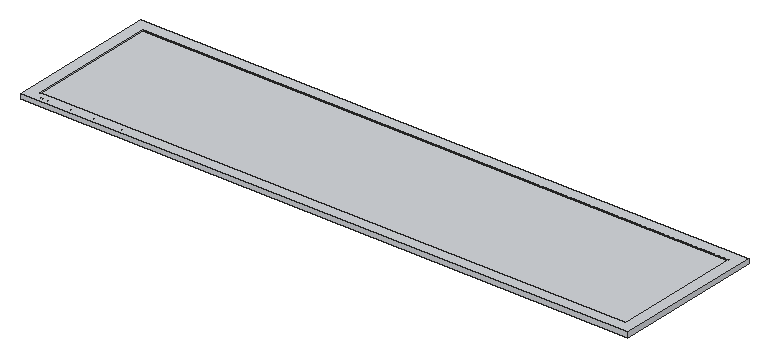
Revit family "0042572", category Lighting Fixtures, host Face, Revit 2017
Family settings
  Host = Face
  Round Connector Dimension = Use Diameter
  Part Type = Normal
  OmniClass Number = 23.80.70.00
  OmniClass Title = Lighting
  Cut with Voids When Loaded = No
  Light Source = Yes
  Shared = No
  Room Calculation Point = No
Parameters (values of type "0042572 ST PANEL UGR19 1200X300 3600LM 830 SSC")
  Weight = "kg"
  Wattage Comments = ""
  Wattage = 36 W
  WarrantyStartDate [instance] = "n/a"
  WarrantyGuarantorParts = "n/a"
  WarrantyDurationUnit = "n/a"
  WarrantyDurationParts = "n/a"
  WarrantyDescription = "n/a"
  WIDTH_SYL = 147.5 mm
  built-in parameter 1150110 = 1 (stored number, unit not read)
  Voltage = 0 V
  URL = "http://www.sylvania-lighting.com"
  TypeName = "START Panel UGR19 1200x300 3600Lm 830 SSC"
  Type Image = <None>
  Type Comments = "n/a"
  built-in parameter 1114217 = 1 (stored number, unit not read)
  Tilt Angle = -90.00°
  built-in parameter 1150109 = 1 (stored number, unit not read)
  built-in parameter 1150134 = (empty or 0)
  TOP__WIDTH_SYL = 545 mm
  TOP_WIDTH_SYL = 265 mm
  TOP_DEPTH_SYL = 95 mm
  built-in parameter 1150113 = 1 (stored number, unit not read)
  SerialNumber [instance] = "n/a"
  Photometric Web File = "0042572.ies"
  Material_3_SYL = none
  PowerFactor = 0
  PowerConsumption = "36 W"
  NominalLength = 1195 mm
  NominalHeight = 35 mm
  NominalDepth = 295 mm
  Name = "START Panel UGR19 1200x300 3600Lm 830 SSC"
  ModelReference = Name  # "START Panel UGR19 1200x300 3600Lm 830 SSC"
  ModelNumber = "0042572"
  Model = Name  # "START Panel UGR19 1200x300 3600Lm 830 SSC"
  Material = "aluminium,steel housing, other diffuser"
  ManufacturerName = "Feilo Sylvania"
  Manufacturer = "Feilo Sylvania"
  MAINHEIGHT_SYL = 63 mm
  LuminousEfficacy = "100 lm/W"
  built-in parameter 1150105 = 286.48 (stored number, unit not read)
  Lumens = 3600 lm
  LuminaireType = ""
  built-in parameter 1150115 = 1 (stored number, unit not read)
  LightOutputRatio = "n/a"
  built-in parameter 1150137 = (empty or 0)
  built-in parameter 1150139 = (empty or 0)
  LampsType = Lamp  # "LED"
  LampNominalLuminous = "3600 lm"
  LampMacAdamStep = "3"
  LampColourTemperature = "3000 K"
  LampColourRenderingIndex = "80"
  built-in parameter 1150112 = 1 (stored number, unit not read)
  built-in parameter 1150114 = 1 (stored number, unit not read)
  Lamp = "LED"
  LUMWIDTH_SYL = 576.5 mm
  LUMDEPTH_SYL = 126.5 mm
  Keynote = "16500"
  InstallationDate [instance] = "n/a"
  InputVoltage = "n/a"
  InputNominalFrequency = "n/a"
  built-in parameter 1150132 = (empty or 0)
  built-in parameter 1150102 = (empty or 0)
  built-in parameter 1150107 = 3000 (stored number, unit not read)
  built-in parameter 1150138 = (empty or 0)
  IngressProtection = "IP40/20"
  ImpactProtectionIndex = "IK03"
  built-in parameter 1150106 = 2.8648 (stored number, unit not read)
  IfcExportType = "IfcLightFixtureType"
  IfcExportAs = "IfcLightFixtureType"
  HEIGHT_SYL = 33 mm
  HEIGHTBOTT_SYL = 7 mm
  Emit from Circle Diameter = 609.6 mm
  Emit Shape Visible in Rendering = no
  ElectricShockClassification = "Class II"
  built-in parameter 1150104 = 9.2903 (stored number, unit not read)
  DocumentationLiterature = "http://www.sylvania-lighting.com/product/en-int/products/0042572"
  DimmingControlOptions = "n/a"
  Material_2_SYL = none
  Dimming Lamp Color Temperature Shift = <None>
  Description = "START Panel is a range of backlit LED panels used in recessed ceilings. Ideal for general indoor appliactions such as corridors, breakrooms, offices and meeting rooms. Luminaire dimensions are compatible with common ceiling installation, and the shallow design makes it easy to install in low ceilings. 3600Lm; 36W; 100Lm/W; Drive current: 750mA; Average life: 50000Hrs; 3000K; CRI 80; Glare control <19; IK03; IP40 (from the front); SDCM<3; Class II; Loop in loop out connector for quick installation. SylSmart Standalone (SSC) enabled."
  Default Elevation = 1219.2 mm
  DEPTH_SYL = 597.5 mm
  CreatedOn = "11/2/2020"
  CreatedBy = "@sylvania-lighting.com"
  Cost = 0
  Color Filter = 16777215
  built-in parameter 1114216 [instance] = (empty or 0)
  ClassificationValue = "EF_70_80"
  ClassificationName = "Uniclass2015"
  Material_1_SYL = none
  BarCode [instance] = "n/a"
  built-in parameter 1114218 = 1 (stored number, unit not read)
  BOX_WIDTH_SYL = 40 mm
  built-in parameter 1150133 = 10 (stored number, unit not read)
  AssetType = "Fixed"
  AssetIdentifier [instance] = "n/a"
  Assembly Code = "D5020200"
  Apparent Load = 36 VA
  Material_4_SYL = none
  -LUMDEPTH_SYL = LUMDEPTH_SYL * (-1)  # -126.5 mm
  -BOX_WIDTH_SYL = BOX_WIDTH_SYL * (-1)  # -40 mm
Types (3, lengths in mm): name | TypeName | built-in parameter 1150134 | Photometric Web File | Name | ModelReference | ModelNumber | Model | LuminousEfficacy | built-in parameter 1150105 | Lumens | LampNominalLuminous | LampMacAdamStep | LampColourTemperature | built-in parameter 1150107 | built-in parameter 1150106 | built-in parameter 1150104 | DocumentationLiterature | Description
  0042573 ST PANEL UGR19 1200X300 3800LM 840 SSC | "START Panel UGR19 1200x300 3800Lm 840 SSC" | 12 | "0042573.ies" | "START Panel UGR19 1200x300 3800Lm 840 SSC" | "START Panel UGR19 1200x300 3800Lm 840 SSC" | "0042573" | "START Panel UGR19 1200x300 3800Lm 840 SSC" | "106 lm/W" | 303.67 (stored number, unit not read) | 3816 lm | "3800 lm" | "3" | "4000 K" | 4000 (stored number, unit not read) | 3.0367 (stored number, unit not read) | 9.8477 (stored number, unit not read) | "http://www.sylvania-lighting.com/product/en-int/products/0042573" | "START Panel is a range of backlit LED panels used in recessed ceilings. Ideal for general indoor appliactions such as corridors, breakrooms, offices and meeting rooms. Luminaire dimensions are compatible with common ceiling installation, and the shallow design makes it easy to install in low ceilings. 3800Lm; 36W; 106Lm/W; Drive current: 750mA; Average life: 50000Hrs; 4000K; CRI 80; Glare control <19; IK03; IP40 (from the front); SDCM<3; Class II; Loop in loop out connector for quick installation. SylSmart Standalone (SSC) enabled."
  0042572 ST PANEL UGR19 1200X300 3600LM 830 SSC | "START Panel UGR19 1200x300 3600Lm 830 SSC" | (empty or 0) | "0042572.ies" | "START Panel UGR19 1200x300 3600Lm 830 SSC" | "START Panel UGR19 1200x300 3600Lm 830 SSC" | "0042572" | "START Panel UGR19 1200x300 3600Lm 830 SSC" | "100 lm/W" | 286.48 (stored number, unit not read) | 3600 lm | "3600 lm" | "3" | "3000 K" | 3000 (stored number, unit not read) | 2.8648 (stored number, unit not read) | 9.2903 (stored number, unit not read) | "http://www.sylvania-lighting.com/product/en-int/products/0042572" | "START Panel is a range of backlit LED panels used in recessed ceilings. Ideal for general indoor appliactions such as corridors, breakrooms, offices and meeting rooms. Luminaire dimensions are compatible with common ceiling installation, and the shallow design makes it easy to install in low ceilings. 3600Lm; 36W; 100Lm/W; Drive current: 750mA; Average life: 50000Hrs; 3000K; CRI 80; Glare control <19; IK03; IP40 (from the front); SDCM<3; Class II; Loop in loop out connector for quick installation. SylSmart Standalone (SSC) enabled."
  0042574 ST PANEL UGR19 1200X300 3800LM 865 SSC | "START Panel UGR19 1200x300 3800Lm 865 SSC" | 1 | "0042574.ies" | "START Panel UGR19 1200x300 3800Lm 865 SSC" | "START Panel UGR19 1200x300 3800Lm 865 SSC" | "0042574" | "START Panel UGR19 1200x300 3800Lm 865 SSC" | "106 lm/W" | 303.67 (stored number, unit not read) | 3816 lm | "4000 lm" | "6" | "6500 K" | 6500 (stored number, unit not read) | 3.0367 (stored number, unit not read) | 9.8477 (stored number, unit not read) | "http://www.sylvania-lighting.com/product/en-int/products/0042574" | "START Panel is a range of backlit LED panels used in recessed ceilings. Ideal for general indoor appliactions such as corridors, breakrooms, offices and meeting rooms. Luminaire dimensions are compatible with common ceiling installation, and the shallow design makes it easy to install in low ceilings. 3800Lm; 36W; 106Lm/W; Drive current: 750mA; Average life: 50000Hrs; 6500K; CRI 80; Glare control <19; IK03; IP40 (from the front); Class II; Loop in loop out connector for quick installation. SylSmart Standalone (SSC) enabled."
Reference planes
  plane 1 "Center (Front/Back)": y = 0
  plane 2: z = 0
  plane 3 "Center (Left/Right)": x = 0
  plane 4: z = -33
  plane 5: z = -7
  plane 6: z = -63
  plane 7: x = 597.5
  plane 8: x = -597.5
  plane 9: y = 147.5
  plane 10: y = -147.5
  plane 11: x = 576.5
  plane 12: x = -576.5
  plane 13: y = -126.5
  plane 14: y = 126.5
  plane 15: y = -265
  plane 16: y = 265
  plane 17: x = -40
  plane 18: x = 40
  plane 19: x = 0
  plane 20: x = -545
  plane 21: x = 545
  plane 22: y = -95
  plane 23: y = 95
Forms (mm)
  Extrusion 1, solid
    sketch origin (0, 0, 0) x (1, 0, 0) y (0, 1, 0)
      loop
        line (-597.5, 147.5) -> (-597.5, -147.5) -> (597.5, -147.5) -> (597.5, 147.5) -> (-597.5, 147.5)
    from -7 to 2
  Extrusion 2, void
    sketch origin (0, 0, 0) x (1, 0, 0) y (0, 1, 0)
      loop
        line (-576.5, 126.5) -> (-576.5, -126.5) -> (576.5, -126.5) -> (576.5, 126.5) -> (-576.5, 126.5)
    from 0 to 2
  Extrusion 3, solid
    sketch origin (0, 0, 0) x (1, 0, 0) y (0, 0, 1)
      loop
        line (-576.5, -7) -> (-545, -33) -> (545, -33) -> (576.5, -7) -> (-576.5, -7)
    from -126.5 <- "-LUMDEPTH_SYL" to 126.5 <- "LUMDEPTH_SYL"
  Extrusion 4, void
    sketch origin (319, 1524, 1219.2) x (0, 1, 0) y (0, 0, 1)
      loop
        line (-1397.5, -1226.2) -> (-1429, -1252.2) -> (-1397.5, -1252.2) -> (-1397.5, -1226.2)
      loop
        line (-1650.5, -1226.2) -> (-1650.5, -1252.2) -> (-1619, -1252.2) -> (-1650.5, -1226.2)
    from -1000 to 1000
Cuts and joins
  Extrusion 2 cuts Extrusion 1
  Extrusion 4 cuts Extrusion 3
  joined: Extrusion 1, Extrusion 3
Dimensions and locks
  "HEIGHT_SYL": host face to plane 4
  "HEIGHTBOTT_SYL": host face to plane 5
  "MAINHEIGHT_SYL": host face to plane 6
  "DEPTH_SYL": plane 8 to plane 3 "Center (Left/Right)" to plane 7
  "WIDTH_SYL": plane 10 to plane 1 "Center (Front/Back)" to plane 9
  "LUMWIDTH_SYL": plane 12 to plane 3 "Center (Left/Right)" to plane 11
  "LUMDEPTH_SYL": plane 13 to plane 1 "Center (Front/Back)" to plane 14
  "TOP_WIDTH_SYL": plane 16 to imposter light to plane 15
  "BOX_WIDTH_SYL": plane 17 to imposter light to plane 18
  "TOP__WIDTH_SYL": plane 20 to imposter light to plane 21
  "TOP_DEPTH_SYL": plane 23 to imposter light to plane 22
  aligned and locked: plane 2 to host face
  aligned and locked: level to host face
  aligned and locked: Extrusion 1 sketch curve to plane 9
  aligned and locked: plane 8 to Extrusion 1 sketch curve
  aligned and locked: Extrusion 1 sketch curve to plane 10
  aligned and locked: Extrusion 1 sketch curve to plane 7
  aligned and locked: plane 14 to Extrusion 2 sketch curve
  aligned and locked: plane 12 to Extrusion 2 sketch curve
  aligned and locked: Extrusion 2 sketch curve to plane 13
  aligned and locked: Extrusion 2 sketch curve to plane 11
Automatic sketch dimensions
  host sketch curve to host sketch curve = 2438.4 mm  (x2)
  Extrusion 3 sketch curve to plane 5 = 0 mm
  Extrusion 3 sketch curve to plane 12 = 0 mm
  Extrusion 3 sketch curve to plane 4 = 0 mm
  plane 20 to Extrusion 3 sketch curve = 0 mm
  plane 21 to Extrusion 3 sketch curve = 0 mm
  Extrusion 3 sketch curve to plane 11 = 0 mm
  Extrusion 4 sketch curve to plane 13 = 0 mm
  plane 4 to Extrusion 4 sketch curve = 0 mm  (x2)
  Extrusion 4 sketch curve to plane 22 = 0 mm
  Extrusion 4 sketch curve to plane 23 = 0 mm
  Extrusion 4 sketch curve to plane 14 = 0 mm
  plane 5 to Extrusion 4 sketch curve = 0 mm  (x2)
